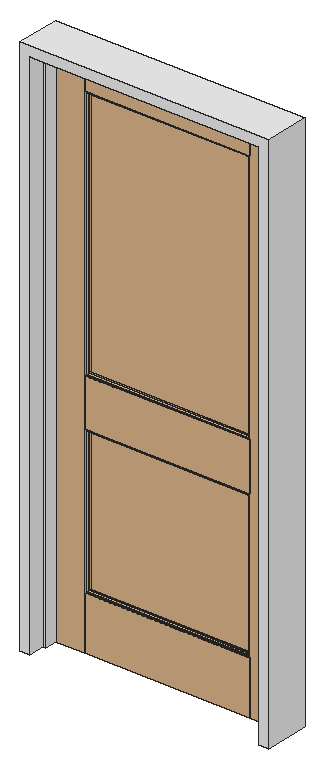
Revit family
Parameters (values of type "1 3/4" Flat Panel")
  URL = "http://www.karonadoor.com"
  Thickness Note = "Do not edit thickness."  # constant formula
  Thickness = 1.774"
  Swing Angle 2D = 90.00°
  SmartBIM Object Version = 1  # constant formula
  SmartBIM Object Created By = "Reed Construction Data"  # constant formula
  Rough Width = 0.000"
  Rough Height = 1.750"
  Panel = Panel_K4010_Karona : 1 3/4" - Flat Panel
  Model = "K4010 Ogee"  # constant formula
  Manufacturer = "Karona , Inc."  # constant formula
  Detail Door Thickness = 1.750"
  Assembly Code = ""
  Top Rail Height = 5.000"  # constant formula
  Top Rail = Wood, Cherry - Grain Horizontal
  Stile Width = 5.063"  # constant formula
  Stile = Wood, Cherry - Grain Vertical
  Sticking = Wood, Cherry - Grain Vertical
  Middle Rail = Wood, Cherry - Grain Horizontal
  Height = 84.000"
  Wall Closure = (empty or 0)
  Width = 36.000"
  Frame = Metal
  Bottom Rail Height = 8.500"  # constant formula
  Bottom Rail = Wood, Cherry - Grain Horizontal
  95 CSI = "08210"  # constant formula
  04 CSI = "08 14 33"  # constant formula
Types (9): name | Thickness | Rough Height | Panel | Detail Door Thickness
  1 3/4" Flat Panel | 1.774" | 1.750" | Panel_K4010_Karona : 1 3/4" - Flat Panel | 1.750"
  1 3/8" Flat Panel | 1.334" | 0.000" | Panel_K4010_Karona : 1 3/8" - Flat Panel | 1.375"
  2 1/4" Flat Panel | 2.250" | 0.000" | Panel_K4010_Karona : 2 1/4" - Flat Panel | 2.250"
  1 3/4" Glass Panel | 1.774" | 1.750" | Panel_K4010_Karona : 1 3/4" - Glass Panel | 1.750"
  1 3/8" Glass Panel | 1.334" | 0.000" | Panel_K4010_Karona : 1 3/8" - Glass Panel | 1.375"
  2 1/4" Glass Panel | 2.250" | 0.000" | Panel_K4010_Karona : 2 1/4" - Glass | 2.250"
  1 3/4" Raised Panel | 1.774" | 1.750" | Panel_K4010_Karona : 1 3/4" - Raised Panel | 1.750"
  1 3/8" Raised Panel | 1.334" | 0.000" | Panel_K4010_Karona : 1 3/8" - Raised Panel | 1.375"
  2 1/4" Raised Panel | 2.250" | 0.000" | Panel_K4010_Karona : 2 1/4" - Raised Panel | 2.250"
Reference planes (in)
  plane 1 "Center (Front/Back)": y = 0
  plane 2 "Center (Left/Right)": x = 0
  plane 3 "Left": x = -18
  plane 4 "Right": x = 18
  plane 5 "Top": z = 84
  plane 6 "Exterior Edge of Frame": y = 3.5
  plane 7 "Interior Edge of Frame": y = -3.5
  plane 8: y = 1
  plane 9: y = -1
  plane 10 "Opening Left": x = -19.5
  plane 11 "Opening Right": x = 19.5
  plane 12 "Top of Opening": z = 85.5
  plane 13: x = -17.5
Forms (in)
  Sweep 1, solid, material "Metal" <- "Frame"
    path origin (0, 0, 0) x (1, 0, 0) y (0, 0, 1)
      loop
        line (-19.5, 0) -> (-19.5, 85.5) -> (19.5, 85.5) -> (19.5, 0)
    profile origin (-19.5, 0, 42.75) x (-1, 0, 0) y (0, -1, 0)
      loop
        line (0, -3.5) -> (0, 3.5) -> (-1.5, 3.5) -> (-1.5, 1) -> (-2, 1) -> (-2, -1) -> (-1.5, -1) -> (-1.5, -3.5) -> (0, -3.5)
Lines and regions (in)
  Opening 1
    outline origin (-90, -3, 0) x (1, 0, 0) y (0, 0, 1)
      loop
        line (70.5, 0) -> (109.5, 0) -> (109.5, 85.5) -> (70.5, 85.5) -> (70.5, 0)
  symbolic lines, style "Elevation Swing"
    curve 1: line (18, 3, 0) -> (-18, 3, 42)
    curve 2: line (-18, 3, 42) -> (18, 3, 84)
Text (in)
  text "Exterior" at (-46.13199, 20.20143, 0), in view "Ref. Level"
  text "Interior" at (-46.13199, -10.56751, 0), in view "Ref. Level"
  text "Exterior" at (0, 40.15149, 123.01588), in view "Right"
  text "Interior" at (0, -64.39139, 123.01588), in view "Right"
  text "Interior" at (0, -31.01599, 123.00693), in view "Left"
  text "Exterior" at (0, 54.57065, 123.00693), in view "Left"
Dimensions and locks (in)
  "Height": level to plane 5 "Top"
  "Width": plane 3 "Left" to plane 4 "Right"
  equal spacing: host wall, curve 2, plane 5 "Top"
  locked: host wall to plane 7 "Interior Edge of Frame" at 0.5
  locked: plane 6 "Exterior Edge of Frame" to host wall at 0.5
  locked: plane 9 to plane 7 "Interior Edge of Frame" at 2.5
  locked: plane 6 "Exterior Edge of Frame" to plane 8 at 2.5
  equal spacing: plane 3 "Left", plane 2 "Center (Left/Right)", plane 4 "Right"
  locked: plane 4 "Right" to plane 11 "Opening Right" at 1.5
  locked: plane 5 "Top" to plane 12 "Top of Opening" at 1.5
  locked: plane 3 "Left" to plane 13 at 0.5
  locked: plane 10 "Opening Left" to plane 3 "Left" at 1.5
  aligned and locked: Opening 1 sketch curve to level
  aligned and locked: plane 4 "Right" to curve 1
  aligned and locked: plane 3 "Left" to curve 1
  aligned and locked: plane 5 "Top" to curve 2
  aligned and locked: Opening 1 sketch curve to plane 11 "Opening Right"
  aligned and locked: plane 12 "Top of Opening" to Opening 1 sketch curve
  aligned and locked: Opening 1 sketch curve to plane 10 "Opening Left"
  aligned and locked: plane 10 "Opening Left" to Sweep 1 sketch curve
  aligned and locked: plane 12 "Top of Opening" to Sweep 1 sketch curve
  aligned and locked: plane 11 "Opening Right" to Sweep 1 sketch curve
  aligned and locked: level to Sweep 1 sketch curve  (x2)
  aligned and locked: Sweep 1 sketch curve to plane 10 "Opening Left"
  aligned and locked: Sweep 1 sketch curve to plane 6 "Exterior Edge of Frame"
  aligned and locked: Sweep 1 sketch curve to plane 7 "Interior Edge of Frame"
  aligned and locked: Sweep 1 sketch curve to plane 8
  aligned and locked: Sweep 1 sketch curve to plane 9
  aligned and locked: plane 13 to Sweep 1 sketch curve
  aligned and locked: plane 3 "Left" to Sweep 1 sketch curve  (x2)
  aligned and locked: nested 1 to plane 2 "Center (Left/Right)"
  aligned and locked: nested 2 to plane 3 "Left"
  aligned and locked: nested 2 to plane 8
  aligned and locked: nested 1 to plane 8
Automatic sketch dimensions
  curve 1 to level = 0.000"
  curve 2 to plane 4 "Right" = 0.000"
Nested families (in)
  nested 1: "Panel_K4010_Karona" at (-13.5, 0.6575, 0) x (-1, 0, 0) z (0, 0, 1), type <- "Panel", type "1 3/4" - Flat Panel"
  nested 2: "Door Panel Plan View" at (-31.5, 1, 0) x (-1, 0, 0) z (0, 0, 1), type "Door Panel Plan View"
    with Thickness 1.750", Height 84.000"
Definition of nested family "Panel_K4010_Karona"
  Parameters (values of type "2 1/4" - Raised Panel")
    Width = 36.000"
    Top Rail Material = Wood, Cherry - Grain Horizontal
    Top Rail Height = 5.000"
    Top Panel Offset = 27.175"
    Thickness Note = "Do not change door thickness"  # constant formula
    Thickness = 2.250"
    Stile Width = 5.063"
    Stile Material = Wood, Cherry - Grain Vertical
    Sticking Material = Wood, Cherry - Grain Vertical
    Panel Width = (Width - (2 * Stile Width))  # 25.874"
    Panel Height = (Height - (Bottom Rail Height + Top Rail Height + Bottom Panel Height + Lock Rail Width))  # 40.000"
    Panel = Glass-Sticking-Assembly-Ogee_Karona : Raised Panel
    Lock Rail Width = 7.500"
    Lock Rail Height = 39.000"
    Interior Panel = Wood, Cherry - Grain Vertical
    Height = 84.000"
    Exterior Edge - Glass Bottom Offset = if(Thickness = 1.774", 0.567", if(Thickness = 2.250", 0.803", 0.469"))  # 0.803"
    Door Panel Material = Wood, Cherry - Grain Vertical
    Default Elevation = 0.000"  # constant formula
    Bottom Rail Material = Wood, Cherry - Grain Horizontal
    Bottom Rail Height = 8.500"
    Bottom Panel Height = Lock Rail Height - (Lock Rail Width + Bottom Rail Height)  # 23.000"
    Assembly Code = ""
  Types (9): name | Top Panel Offset | Thickness | Panel | Interior Panel | Exterior Edge - Glass Bottom Offset
    2 1/4" - Flat Panel | 27.250" | 2.250" | Glass-Sticking-Assembly-Ogee_Karona : Flat Panel | Wood, Cherry - Grain Vertical | 0.803"
    2 1/4" - Glass | 27.175" | 2.250" | Glass-Sticking-Assembly-Ogee_Karona : Glass Panel | Glass | 0.803"
    2 1/4" - Raised Panel | 27.175" | 2.250" | Glass-Sticking-Assembly-Ogee_Karona : Raised Panel | Wood, Cherry - Grain Vertical | 0.803"
    1 3/4" - Raised Panel | 27.175" | 1.774" | Glass-Sticking-Assembly-Ogee_Karona : Raised Panel | Wood, Cherry - Grain Vertical | 0.567"
    1 3/4" - Flat Panel | 27.175" | 1.774" | Glass-Sticking-Assembly-Ogee_Karona : Flat Panel | Wood, Cherry - Grain Vertical | 0.567"
    1 3/4" - Glass Panel | 27.175" | 1.774" | Glass-Sticking-Assembly-Ogee_Karona : Glass Panel | Glass | 0.567"
    1 3/8" - Raised Panel | 27.175" | 1.334" | Glass-Sticking-Assembly-Ogee_Karona : Raised Panel | Wood, Cherry - Grain Vertical | 0.469"
    1 3/8" - Glass Panel | 27.175" | 1.334" | Glass-Sticking-Assembly-Ogee_Karona : Glass Panel | Glass | 0.469"
    1 3/8" - Flat Panel | 27.175" | 1.334" | Glass-Sticking-Assembly-Ogee_Karona : Flat Panel | Wood, Cherry - Grain Horizontal | 0.469"
  Reference planes (in)
    plane 1 "Center (Front/Back)": y = 1.2315
    plane 2: z = 0
    plane 3 "Center (Left/Right)": x = -13.5
    plane 4 "Left": x = -31.5
    plane 5: x = 4.5
    plane 6 "Inner Left": x = -26.437
    plane 7 "Inner Right": x = -0.563
    plane 8: z = 8.5
    plane 9 "Bottom Of Top Rail": z = 79
    plane 10 "Top": z = 84
    plane 11 "Interior Edge of Door": y = 2.3565
    plane 12: z = 79
    plane 13 "Exterior Edge of Door": y = 0.1065
    plane 14 "Bottom of Glass": y = 0.9095
    plane 15 "Cross Rail Bottom": z = 42
    plane 16: z = 39
    plane 17: z = 31.5
    plane 18: z = 35.25
    plane 19: z = 59
    plane 20: z = 20
  Forms (in)
    Extrusion 1, solid, material "Wood, Cherry - Grain Horizontal" <- "Bottom Rail Material"
      sketch origin (0, -101.3125, 0) x (1, 0, 0) y (0, 0, 1)
        loop
          line (-26.437, 0) -> (-0.563, 0) -> (-0.563, 8.5) -> (-26.437, 8.5) -> (-26.437, 0)
      from -103.669 to -101.419
    Extrusion 2, solid, material "Wood, Cherry - Grain Vertical" <- "Stile Material"
      sketch origin (0, 1.2315, 0) x (1, 0, 0) y (0, 0, 1)
        loop
          line (-31.5, 84) -> (-31.5, 0) -> (-26.437, 0) -> (-26.437, 84) -> (-31.5, 84)
        loop
          line (-0.563, 0) -> (4.5, 0) -> (4.5, 84) -> (-0.563, 84) -> (-0.563, 0)
      from -1.125 to 1.125
    Extrusion 3, solid, material "Wood, Cherry - Grain Horizontal" <- "Top Rail Material"
      sketch origin (0, 1.2315, 0) x (1, 0, 0) y (0, 0, 1)
        loop
          line (-26.437, 84) -> (-26.437, 79) -> (-0.563, 79) -> (-0.563, 84) -> (-26.437, 84)
      from -1.125 to 1.125
    Extrusion 4, solid, material "Wood, Cherry - Grain Horizontal" <- "Bottom Rail Material"
      sketch origin (0, 1.2315, 0) x (1, 0, 0) y (0, 0, 1)
        loop
          line (-26.437, 39) -> (-26.437, 31.5) -> (-0.563, 31.5) -> (-0.563, 39) -> (-26.437, 39)
      from -1.125 to 1.125
  Text (in)
    text "EXTERIOR" at (-34.59289, -1.27941, 0), in view "Ref. Level"
    text "EXTERIOR" at (0, -9.65287, 72.76687), in view "Left"
    text "EXTERIOR" at (0, -33.33473, 96.68074), in view "Right"
  Dimensions and locks (in)
    equal spacing: plane 4 "Left", plane 3 "Center (Left/Right)", plane 5
    "Width": plane 4 "Left" to plane 5
    "Stile Width": plane 4 "Left" to plane 6 "Inner Left"
    "Stile Width": plane 5 to plane 7 "Inner Right"
    "Bottom Rail Height": plane 8 to plane 2
    "Top Rail Height": plane 10 "Top" to plane 9 "Bottom Of Top Rail"
    "Height": plane 10 "Top" to plane 2
    equal spacing: plane 11 "Interior Edge of Door", plane 1 "Center (Front/Back)", plane 13 "Exterior Edge of Door"
    "Thickness": plane 11 "Interior Edge of Door" to plane 13 "Exterior Edge of Door"
    "Exterior Edge - Glass Bottom Offset": plane 14 "Bottom of Glass" to plane 13 "Exterior Edge of Door"
    "Exterior Edge - Glass Bottom Offset": plane 13 "Exterior Edge of Door" to plane 14 "Bottom of Glass"
    equal spacing: plane 10 "Top", plane 15 "Cross Rail Bottom", level
    "Lock Rail Width": plane 16 to plane 17
    equal spacing: plane 16, plane 18, plane 17
    "Lock Rail Height": plane 16 to level
    plane 12 to plane 16 = 40.000"
    equal spacing: plane 12, plane 19, plane 16
    equal spacing: plane 17, plane 20, plane 8
    aligned and locked: Extrusion 1 to plane 2
    aligned and locked: plane 11 "Interior Edge of Door" to Extrusion 1
    aligned and locked: plane 4 "Left" to Extrusion 2 sketch curve
    aligned and locked: Extrusion 2 sketch curve to plane 10 "Top"
    aligned and locked: Extrusion 2 sketch curve to Extrusion 1  (x3)
    aligned and locked: Extrusion 1 to Extrusion 2 sketch curve
    aligned and locked: plane 10 "Top" to Extrusion 2 sketch curve
    aligned and locked: plane 5 to Extrusion 2 sketch curve
    aligned and locked: plane 11 "Interior Edge of Door" to Extrusion 2
    aligned and locked: Extrusion 2 to Extrusion 3 sketch curve
    aligned and locked: Extrusion 3 sketch curve to Extrusion 2
    aligned and locked: plane 11 "Interior Edge of Door" to Extrusion 3
    aligned and locked: plane 12 to plane 9 "Bottom Of Top Rail"
    aligned and locked: level to plane 2
    aligned and locked: Extrusion 3 to plane 13 "Exterior Edge of Door"
    aligned and locked: Extrusion 3 to plane 11 "Interior Edge of Door"
    aligned and locked: Extrusion 2 to plane 13 "Exterior Edge of Door"
    aligned and locked: Extrusion 3 to plane 12
    aligned and locked: Extrusion 1 to Extrusion 2
    aligned and locked: nested 1 to plane 1 "Center (Front/Back)"
    aligned and locked: plane 3 "Center (Left/Right)" to nested 2
    aligned and locked: plane 3 "Center (Left/Right)" to nested 1
    aligned and locked: Extrusion 4 sketch curve to plane 16
    aligned and locked: Extrusion 4 sketch curve to plane 17
    aligned and locked: Extrusion 4 sketch curve to plane 6 "Inner Left"
    aligned and locked: Extrusion 4 sketch curve to plane 7 "Inner Right"
    aligned and locked: plane 11 "Interior Edge of Door" to Extrusion 4
    aligned and locked: Extrusion 4 to plane 13 "Exterior Edge of Door"
    aligned and locked: plane 19 to nested 2
    aligned and locked: plane 20 to nested 1
  Automatic sketch dimensions
    Extrusion 1 sketch curve to plane 6 "Inner Left" = 0.000"
    Extrusion 1 sketch curve to plane 7 "Inner Right" = 0.000"
    Extrusion 1 sketch curve to level = 0.000"
    Extrusion 1 sketch curve to plane 8 = 0.000"
    Extrusion 3 sketch curve to plane 7 "Inner Right" = 0.000"
    plane 9 "Bottom Of Top Rail" to Extrusion 3 sketch curve = 0.000"
  Nested families (in)
    nested 1: "Glass-Sticking-Assembly-Ogee_Karona" at (-13.96875, 1.38, 8.5), Width <- "Panel Width", Height <- "Bottom Panel Height", type <- "Panel", type "Raised Panel"
      with Width 25.874", Height 23.000"
    nested 2: "Glass-Sticking-Assembly-Ogee_Karona" at (-13.96875, 1.3784, 39), Width <- "Panel Width", Height <- "Panel Height", type <- "Panel", type "Raised Panel"
      with Width 25.874", Height 40.000"
  Definition of nested family "Glass-Sticking-Assembly-Ogee_Karona"
    Parameters (values of type "Glass Panel")
      Width [instance] = 5.000"
      Vertical Profile Offset = if(Glass Panel, 0.490", 0.100")  # 0.490"
      Stop Adjustment = if(and(not(Glass Panel), Door Thickness = 1.774"), 0.513", if(and(not(Glass Panel), Door Thickness = 2.250"), 0.513", if((Glass Panel), 0.125", 0.273")))  # 0.125"
      Profile = Wood, Cherry - Grain Vertical
      Height [instance] = 23.000"
      Raised Panel = no
      Interior Panel = Glass
      Glass Panel = yes
      Door Thickness = 1.334"
      C = if(Door Thickness = 1.774", 0.131", if(Door Thickness = 2.250", 0.370", 0.093"))  # 0.093"
      B = if(Door Thickness = 1.774", 0.567", if(Door Thickness = 2.250", 0.803", 0.469"))  # 0.469"
      Assembly Code = ""
      A = if(Door Thickness = 1.774", 0.128", if(Door Thickness = 2.250", 0.364", 0.095"))  # 0.095"
    Types (3): name | Width | Vertical Profile Offset | Stop Adjustment | Raised Panel | Interior Panel | Glass Panel | Door Thickness | C | B | A
      Glass Panel | 5.000" | 0.490" | 0.125" | no | Glass | yes | 1.334" | 0.093" | 0.469" | 0.095"
      Flat Panel | 4.500" | 0.100" | 0.513" | no | Wood, Cherry - Grain Vertical | no | 2.250" | 0.370" | 0.803" | 0.364"
      Raised Panel | 4.000" | 0.100" | 0.513" | yes | Wood, Cherry - Grain Vertical | no | 2.250" | 0.370" | 0.803" | 0.364"
    Reference planes (in)
      plane 1 "Stop Adjustment Edge": y = -0.3455
      plane 2: z = 0
      plane 3 "Center (Left/Right)": x = 0.46875
      plane 4 "Back": y = 0.3945
      plane 5 "Front": y = -0.9395
      plane 6 "Left": x = -2.03125
      plane 7 "Right": x = 2.96875
      plane 8 "Top": z = 23
      plane 9 "Center (Up/Down)": z = 11.5
      plane 10 "Bottom of Stop": y = -0.2205
      plane 11 "Bottom of Glass": y = -0.4705
      plane 12 "Right Edge of Glass": x = 2.91875
      plane 13 "Left Edge of Glass": x = -1.98125
      plane 14 "Top Edge of Glass": z = 22.90625
      plane 15 "Bottom Edge of Glass": z = 0.09375
      plane 16: x = 2.84375
      plane 17 "A": y = -0.8445
      plane 18 "C": y = 0.3015
      plane 19 "Bottom Cut Line": z = 0.438
      plane 20 "Top Cut Line": z = 22.562
      plane 21 "Cut Vertical Left": x = -1.59325
      plane 22 "Cut Vertical": x = 2.53075
      plane 23 "Center (Front/Back)": y = -0.2725
    Forms (in)
      Sweep 1, solid, material "Wood, Cherry - Grain Vertical" <- "Profile"
        path origin (0, -0.3455, 0) x (1, 0, 0) y (0, 0, 1)
          loop
            line (2.96875, 23) -> (-2.03125, 23) -> (-2.03125, 0) -> (2.96875, 0) -> (2.96875, 23)
        profile origin (2.96875, -0.3455, 11.5) x (0, -1, 0) y (1, 0, 0)
          loop
            line (-0.647, 0) -> (-0.647, -0.438) -> (-0.125, -0.438) -> (-0.125, -0.05) -> (0.125, -0.05) -> (0.125, -0.438) -> (0.499, -0.438) -> (0.499, 0) -> (-0.647, 0)
      Extrusion 2, solid, material "Glass" <- "Interior Panel"
        sketch origin (0, 0, 0) x (1, 0, 0) y (0, 1, 0)
          loop
            line (-1.98125, -0.2205) -> (-1.98125, -0.4705) -> (2.91875, -0.4705) -> (2.91875, -0.2205) -> (-1.98125, -0.2205)
        from 0.09375 to 22.90625
      Extrusion 3, solid, material "Wood, Cherry - Grain Vertical" <- "Profile", visible <- "Raised Panel"
        sketch origin (0, 0, 0) x (1, 0, 0) y (0, 1, 0)
          loop
            line (2.53075, 0.3015) -> (-1.59325, 0.3015) -> (-1.59325, -0.2205) -> (2.53075, -0.2205) -> (2.53075, 0.3015)
          loop
            line (-1.59325, -0.4705) -> (-1.59325, -0.8445) -> (2.53075, -0.8445) -> (2.53075, -0.4705) -> (-1.59325, -0.4705)
        from 0.438 to 22.562
      Sweep 4, void
        path origin (0, -0.2205, 0) x (-1, 0, 0) y (0, 0, 1)
          loop
            line (2.03125, 0) -> (2.03125, 23) -> (-2.96875, 23) -> (-2.96875, 0) -> (2.03125, 0)
        profile "Profile : 05" origin (-2.03125, -0.2205, 11.5) x (1, 0, 0) y (0, 1, 0)
          loop
            line (0, 0.49) -> (0.36169, 0.49096)
            arc (0.36169, 0.49096) -> (1.01257, 0.57642) -> (1.61934, 0.827) r 2.52143
            line (1.61934, 0.827) -> (0, 0.827) -> (0, 0.49)
      Sweep 5, void
        path origin (0, -0.4705, 0) x (-1, 0, 0) y (0, 0, 1)
          loop
            line (-2.96875, 23) -> (-2.96875, 0) -> (2.03125, 0) -> (2.03125, 23) -> (-2.96875, 23)
        profile "Profile : 05" origin (2.96875, -0.4705, 11.5) x (-1, 0, 0) y (0, 1, 0)
          loop
            line (0, -0.102) -> (0, -0.439) -> (1.61934, -0.439)
            arc (1.61934, -0.439) -> (1.01257, -0.18842) -> (0.36169, -0.10296) r 2.52143
            line (0.36169, -0.10296) -> (0, -0.102)
      Sweep 6, void
        path origin (0, 0.3015, 0) x (1, 0, 0) y (0, 0, 1)
          loop
            line (-1.59325, 0.438) -> (2.53075, 0.438) -> (2.53075, 22.562) -> (-1.59325, 22.562) -> (-1.59325, 0.438)
        profile "QuarterCircleCut : QuarterCircleCut" origin (2.53075, 0.3015, 11.5) x (-1, 0, 0) y (0, -1, 0)
          loop
            arc (0.3196, 0) -> (0.182, 0.057) -> (0.125, 0.1946) r 0.1946
            line (0.125, 0.1946) -> (0.125, 0.27745) -> (0, 0.27745) -> (0, 0) -> (0.3196, 0)
      Sweep 7, void
        path origin (0, -0.8445, 0) x (1, 0, 0) y (0, 0, 1)
          loop
            line (-1.59325, 0.438) -> (2.53075, 0.438) -> (2.53075, 22.562) -> (-1.59325, 22.562) -> (-1.59325, 0.438)
        profile "QuarterCircleCut : QuarterCircleCut" origin (2.53075, -0.8445, 11.5) x (-1, 0, 0) y (0, -1, 0)
          loop
            line (0.3196, 0) -> (0, 0) -> (0, -0.27745) -> (0.125, -0.27745) -> (0.125, -0.1946)
            arc (0.125, -0.1946) -> (0.182, -0.057) -> (0.3196, 0) r 0.1946
    Cuts and joins
      Sweep 4, Sweep 5, Sweep 7 cuts Extrusion 3
      Sweep 6, Sweep 7 cuts Sweep 1
    Text (in)
      text "INTERIOR" at (-14.3788, 3.49864, 0), in view "Ref. Level"
    Dimensions and locks (in)
      equal spacing: plane 6 "Left", plane 3 "Center (Left/Right)", plane 7 "Right"
      "Width": plane 6 "Left" to plane 7 "Right"
      "Door Thickness": plane 4 "Back" to plane 5 "Front"
      "Height": plane 8 "Top" to plane 2
      equal spacing: plane 8 "Top", plane 9 "Center (Up/Down)", level
      locked: plane 1 "Stop Adjustment Edge" to plane 11 "Bottom of Glass" at 0.125
      "Stop Adjustment": plane 10 "Bottom of Stop" to plane 1 "Stop Adjustment Edge"
      locked: plane 12 "Right Edge of Glass" to plane 7 "Right" at 0.05
      locked: plane 8 "Top" to plane 14 "Top Edge of Glass" at 0.09375
      locked: plane 15 "Bottom Edge of Glass" to level at 0.09375
      locked: plane 6 "Left" to plane 13 "Left Edge of Glass" at 0.05
      "B": plane 5 "Front" to plane 11 "Bottom of Glass"
      locked: plane 16 to plane 7 "Right" at 0.125
      "A": plane 5 "Front" to plane 17 "A"
      "C": plane 18 "C" to plane 4 "Back"
      plane 4 "Back" to Sweep 1 = 0.615"
      locked: plane 19 "Bottom Cut Line" to level at 0.438
      locked: plane 8 "Top" to plane 20 "Top Cut Line" at 0.438
      locked: plane 6 "Left" to plane 21 "Cut Vertical Left" at 0.438
      locked: plane 22 "Cut Vertical" to plane 7 "Right" at 0.438
      equal spacing: plane 4 "Back", plane 23 "Center (Front/Back)", plane 5 "Front"
      aligned and locked: Sweep 1 sketch curve to plane 7 "Right"
      aligned and locked: Sweep 1 sketch curve to plane 8 "Top"
      aligned and locked: Sweep 1 sketch curve to plane 6 "Left"
      aligned and locked: Sweep 1 sketch curve to level
      aligned and locked: plane 10 "Bottom of Stop" to Sweep 1 sketch curve
      aligned and locked: plane 11 "Bottom of Glass" to Sweep 1 sketch curve
      aligned and locked: Extrusion 2 sketch curve to plane 13 "Left Edge of Glass"
      aligned and locked: Extrusion 2 sketch curve to plane 10 "Bottom of Stop"
      aligned and locked: Extrusion 2 sketch curve to plane 11 "Bottom of Glass"
      aligned and locked: Extrusion 2 sketch curve to plane 12 "Right Edge of Glass"
      aligned and locked: plane 14 "Top Edge of Glass" to Extrusion 2
      aligned and locked: Extrusion 2 to plane 15 "Bottom Edge of Glass"
      aligned and locked: Extrusion 3 sketch curve to plane 18 "C"
      aligned and locked: Extrusion 3 sketch curve to plane 10 "Bottom of Stop"
      aligned and locked: Extrusion 3 sketch curve to plane 11 "Bottom of Glass"
      aligned and locked: Extrusion 3 sketch curve to plane 17 "A"
      aligned and locked: Extrusion 3 to plane 19 "Bottom Cut Line"
      aligned and locked: Extrusion 3 to plane 20 "Top Cut Line"
      aligned and locked: plane 12 "Right Edge of Glass" to Sweep 1 sketch curve
      aligned and locked: plane 22 "Cut Vertical" to Extrusion 3 sketch curve  (x2)
      aligned and locked: Extrusion 3 sketch curve to plane 21 "Cut Vertical Left"  (x2)
      aligned and locked: plane 22 "Cut Vertical" to Sweep 1 sketch curve
      aligned and locked: Sweep 5 sketch curve to plane 6 "Left"
      aligned and locked: plane 8 "Top" to Sweep 5 sketch curve
      aligned and locked: Sweep 5 sketch curve to plane 7 "Right"
      aligned and locked: level to Sweep 5 sketch curve
      aligned and locked: Sweep 4 sketch curve to plane 7 "Right"
      aligned and locked: plane 8 "Top" to Sweep 4 sketch curve
      aligned and locked: Sweep 4 sketch curve to plane 6 "Left"
      aligned and locked: level to Sweep 4 sketch curve
      aligned and locked: plane 18 "C" to Sweep 1 sketch curve
      aligned and locked: Sweep 6 sketch curve to plane 21 "Cut Vertical Left"
      aligned and locked: plane 22 "Cut Vertical" to Sweep 6 sketch curve
      aligned and locked: Sweep 6 sketch curve to plane 19 "Bottom Cut Line"
      aligned and locked: plane 20 "Top Cut Line" to Sweep 6 sketch curve
      aligned and locked: Sweep 1 sketch curve to plane 22 "Cut Vertical"
      aligned and locked: plane 17 "A" to Sweep 1 sketch curve
      aligned and locked: Sweep 7 sketch curve to plane 21 "Cut Vertical Left"
      aligned and locked: plane 20 "Top Cut Line" to Sweep 7 sketch curve
      aligned and locked: plane 22 "Cut Vertical" to Sweep 7 sketch curve
      aligned and locked: Sweep 7 sketch curve to plane 19 "Bottom Cut Line"
    Automatic sketch dimensions
      Sweep 1 sketch curve to profile plane = 0.000"
Definition of nested family "Door Panel Plan View"
  Parameters (values of type "Door Panel Plan View")
    Width = 36.000"
    Thickness = 2.000"
    Swing Angle 2D = 90.00°
    Height = 0.000"
    Assembly Code = ""
  Reference planes (in)
    plane 1 "Center (Front/Back)": y = 0
    plane 2: z = 0
    plane 3 "Center (Left/Right)": x = -13.5
  Lines and regions (in)
    symbolic lines, style "DoorsPanelProjection"
      curve 1: line (-13.5, 0, 0) -> (-13.5, 36, 0)
      curve 2: line (-15.5, 0, 0) -> (-15.5, 36, 0)
      curve 3: line (-13.5, 0, 0) -> (-15.5, 0, 0)
      curve 4: line (-13.5, 36, 0) -> (-15.5, 36, 0)
    symbolic lines, style "Plan Swing"
      curve 5: arc (-13.5, 36, 0) -> (-38.95584, 25.45584, 0) -> (-49.5, 0, 0) r 36
  Dimensions and locks (in)
    "Width": curve 4 to curve 3
    "Thickness": curve 1 to curve 2
    "Swing Angle 2D": angle curve 1 to plane 1 "Center (Front/Back)"
    aligned and locked: plane 1 "Center (Front/Back)" to curve 5
  Automatic sketch dimensions
    curve 3 to plane 1 "Center (Front/Back)" = 0.000"
    curve 5 to plane 3 "Center (Left/Right)" = 0.000"
    curve 3 to plane 3 "Center (Left/Right)" = 0.000"
